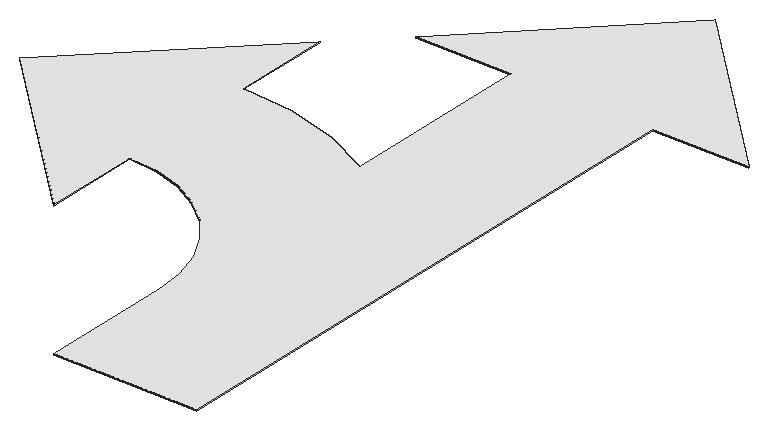
Revit family "M_Setas de direção - Reto & Curva", category Terreno, Revit 2019
Family settings
  Cota do conector redondo = Utilizar diâmetro
  Tipo de parte = Normal
  ID de item do Seek = Direction Arrows - Straight & Turn-0000-CAN-ENU
  Com base no plano de trabalho = Não
  Sempre na vertical = Não
  Corte com vazios quando carregada = Não
  Compartilhado = Não
Reference planes
  plane 1 "Centro (Frente/Trás)": y = 0
  plane 2: z = 0
  plane 3 "Centro (Esquerda/Direita)": x = 0
Forms (mm)
  Extrusion 1, solid, material "Pintura - Branco"
    sketch origin (0, 0, 0) x (1, 0, 0) y (0, 1, 0)
      loop
        line (-355.6, 1219.2) -> (-152.4, 1219.2) -> (-152.4, 816.215)
        arc (-152.4, 816.215) -> (-304.769, 880.779) -> (-468.778, 902.822) r 621.178
        line (-468.778, 902.822) -> (-468.778, 1106.022) -> (-824.378, 750.422) -> (-468.778, 394.822) -> (-468.778, 598.022)
        arc (-468.778, 598.022) -> (-245.065, 505.356) -> (-152.4, 281.643) r 316.378
        line (-152.4, 281.643) -> (-152.4, 0) -> (152.4, 0) -> (152.4, 1219.2) -> (355.6, 1219.2) -> (0, 1574.8) -> (-355.6, 1219.2)
    from 0 to 1.587
